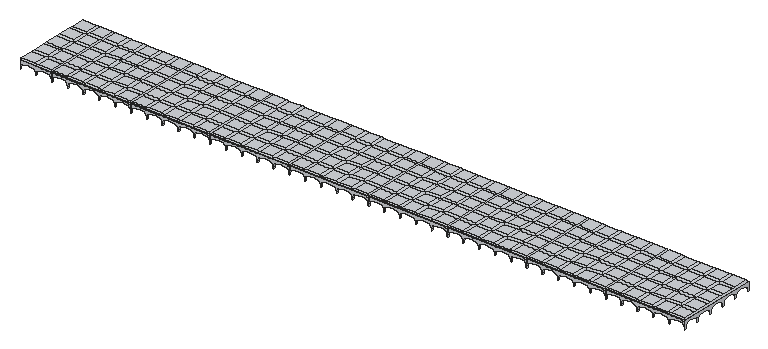
Revit family "LineaSingola_Assieme Modulblock H6", category Modelli generici, Revit 2016 (continued)
Definition of nested family "Minimodulo_H6"
  Definition of nested family "Pianta H6"
    Lines and regions (mm)
      detail lines, in view "Livello rif.", not visible
        curve 1618: line (222.31, -175.662, 0) -> (238.689, -154.487, 0)
        curve 1619: line (245.463, -161.432, 0) -> (224.28, -177.642, 0)
        curve 1620: line (177.716, -224.407, 0) -> (161.347, -245.569, 0)
        curve 1621: line (154.736, -238.505, 0) -> (175.746, -222.426, 0)
        curve 1622: line (155.3, -213.164, 0) -> (186.823, -213.164, 0)
        curve 1623: line (186.823, -213.164, 0) -> (186.823, -244.669, 0)
        curve 1624: line (177.716, -175.662, 0) -> (161.32, -154.465, 0)
        curve 1625: line (154.554, -161.425, 0) -> (175.746, -177.642, 0)
        curve 1626: line (186.793, -156.114, 0) -> (186.793, -186.821, 0)
        curve 1627: line (186.793, -186.821, 0) -> (155.33, -186.821, 0)
        curve 1628: line (162.244, -150, 0) -> (237.756, -150, 0)
        curve 1629: line (252.784, -139.838, 0) -> (252.784, -60.162, 0)
        curve 1630: line (252.784, -60.162, 0) -> (250, -62.479, 0)
        curve 1631: line (250, -62.479, 0) -> (250, -50, 0)
        curve 1632: line (250, -50, 0) -> (250, -37.521, 0)
        curve 1633: line (250, -37.521, 0) -> (252.784, -39.838, 0)
        curve 1634: line (252.784, -39.838, 0) -> (252.784, 39.838, 0)
        curve 1635: line (222.31, -124.407, 0) -> (238.671, -145.558, 0)
        curve 1636: line (245.406, -138.593, 0) -> (224.28, -122.426, 0)
        curve 1637: line (213.164, -144.7, 0) -> (213.164, -113.19, 0)
        curve 1638: line (213.164, -113.19, 0) -> (243.878, -113.19, 0)
        curve 1639: line (243.883, -86.793, 0) -> (213.094, -86.793, 0)
        curve 1640: line (213.094, -86.793, 0) -> (213.094, -56.08, 0)
        curve 1641: line (222.31, -75.662, 0) -> (238.689, -54.487, 0)
        curve 1642: line (245.463, -61.432, 0) -> (224.28, -77.642, 0)
        curve 1643: line (177.716, -124.407, 0) -> (161.347, -145.569, 0)
        curve 1644: line (154.736, -138.505, 0) -> (175.746, -122.426, 0)
        curve 1645: line (155.3, -113.164, 0) -> (186.823, -113.164, 0)
        curve 1646: line (186.823, -113.164, 0) -> (186.823, -144.669, 0)
        curve 1647: line (177.716, -75.662, 0) -> (161.32, -54.465, 0)
        curve 1648: line (154.554, -61.425, 0) -> (175.746, -77.642, 0)
        curve 1649: line (186.793, -56.114, 0) -> (186.793, -86.821, 0)
        curve 1650: line (186.793, -86.821, 0) -> (155.33, -86.821, 0)
        curve 1651: line (237.756, -50, 0) -> (162.244, -50, 0)
        curve 1652: line (162.244, -50, 0) -> (237.756, -50, 0)
        curve 1653: line (222.31, -24.407, 0) -> (238.671, -45.558, 0)
        curve 1654: line (245.406, -38.593, 0) -> (224.28, -22.426, 0)
        curve 1655: line (213.164, -44.7, 0) -> (213.164, -13.19, 0)
        curve 1656: line (213.164, -13.19, 0) -> (243.878, -13.19, 0)
        curve 1657: line (252.784, 39.838, 0) -> (250, 37.521, 0)
        curve 1658: line (250, 37.521, 0) -> (250, 50, 0)
        curve 1659: line (250, 50, 0) -> (250, 62.479, 0)
        curve 1660: line (250, 62.479, 0) -> (252.784, 60.162, 0)
        curve 1661: line (243.883, 13.207, 0) -> (213.094, 13.207, 0)
        curve 1662: line (213.094, 13.207, 0) -> (213.094, 43.92, 0)
        curve 1663: line (222.31, 24.338, 0) -> (238.689, 45.513, 0)
        curve 1664: line (245.463, 38.568, 0) -> (224.28, 22.358, 0)
        curve 1665: line (177.716, -24.407, 0) -> (161.347, -45.569, 0)
        curve 1666: line (154.736, -38.505, 0) -> (175.746, -22.426, 0)
        curve 1667: line (155.3, -13.164, 0) -> (186.823, -13.164, 0)
        curve 1668: line (186.823, -13.164, 0) -> (186.823, -44.669, 0)
        curve 1669: line (177.716, 24.338, 0) -> (161.32, 45.535, 0)
        curve 1670: line (154.554, 38.575, 0) -> (175.746, 22.358, 0)
        curve 1671: line (186.793, 43.886, 0) -> (186.793, 13.179, 0)
        curve 1672: line (186.793, 13.179, 0) -> (155.33, 13.179, 0)
        curve 1673: line (237.756, 50, 0) -> (162.244, 50, 0)
        curve 1674: line (162.244, 50, 0) -> (237.756, 50, 0)
        curve 1675: line (252.784, 60.162, 0) -> (252.784, 139.838, 0)
        curve 1676: line (252.784, 139.838, 0) -> (250, 137.521, 0)
        curve 1677: line (250, 137.521, 0) -> (250, 150, 0)
        curve 1678: line (250, 150, 0) -> (250, 162.479, 0)
        curve 1679: line (250, 162.479, 0) -> (252.784, 160.162, 0)
        curve 1680: line (252.784, 160.162, 0) -> (252.784, 239.838, 0)
        curve 1681: line (252.784, 239.838, 0) -> (250, 237.521, 0)
        curve 1682: line (222.31, 75.593, 0) -> (238.671, 54.442, 0)
        curve 1683: line (245.406, 61.407, 0) -> (224.28, 77.574, 0)
        curve 1684: line (213.164, 55.3, 0) -> (213.164, 86.81, 0)
        curve 1685: line (213.164, 86.81, 0) -> (243.878, 86.81, 0)
        curve 1686: line (243.883, 113.207, 0) -> (213.094, 113.207, 0)
        curve 1687: line (213.094, 113.207, 0) -> (213.094, 143.92, 0)
        curve 1688: line (222.31, 124.338, 0) -> (238.689, 145.513, 0)
        curve 1689: line (245.463, 138.568, 0) -> (224.28, 122.358, 0)
        curve 1690: line (177.716, 75.593, 0) -> (161.347, 54.431, 0)
        curve 1691: line (154.736, 61.495, 0) -> (175.746, 77.574, 0)
        curve 1692: line (155.3, 86.836, 0) -> (186.823, 86.836, 0)
        curve 1693: line (186.823, 86.836, 0) -> (186.823, 55.331, 0)
        curve 1694: line (177.716, 124.338, 0) -> (161.32, 145.535, 0)
        curve 1695: line (154.554, 138.575, 0) -> (175.746, 122.358, 0)
        curve 1696: line (186.793, 143.886, 0) -> (186.793, 113.179, 0)
        curve 1697: line (186.793, 113.179, 0) -> (155.33, 113.179, 0)
        curve 1698: line (237.756, 150, 0) -> (162.244, 150, 0)
        curve 1699: line (162.244, 150, 0) -> (237.756, 150, 0)
        curve 1700: line (162.033, 250, 0) -> (160.162, 252.205, 0)
        curve 1701: line (160.162, 252.205, 0) -> (239.838, 252.205, 0)
        curve 1702: line (239.838, 252.205, 0) -> (237.756, 250, 0)
        curve 1703: line (222.31, 224.407, 0) -> (238.671, 245.558, 0)
        curve 1704: line (245.406, 238.593, 0) -> (224.28, 222.426, 0)
        curve 1705: line (213.164, 244.7, 0) -> (213.164, 213.19, 0)
        curve 1706: line (213.164, 213.19, 0) -> (243.878, 213.19, 0)
        curve 1707: line (243.883, 186.793, 0) -> (213.094, 186.793, 0)
        curve 1708: line (213.094, 186.793, 0) -> (213.094, 156.08, 0)
        curve 1709: line (222.31, 175.662, 0) -> (238.689, 154.487, 0)
        curve 1710: line (245.463, 161.432, 0) -> (224.28, 177.642, 0)
        curve 1711: line (177.716, 224.407, 0) -> (161.347, 245.569, 0)
        curve 1712: line (154.736, 238.505, 0) -> (175.746, 222.426, 0)
        curve 1713: line (155.3, 213.164, 0) -> (186.823, 213.164, 0)
        curve 1714: line (186.823, 213.164, 0) -> (186.823, 244.669, 0)
        curve 1715: line (177.716, 175.662, 0) -> (161.32, 154.465, 0)
        curve 1716: line (154.554, 161.425, 0) -> (175.746, 177.642, 0)
        curve 1717: line (186.793, 156.114, 0) -> (186.793, 186.821, 0)
        curve 1718: line (186.793, 186.821, 0) -> (155.33, 186.821, 0)
    Dimensions and locks
      equal spacing: plane 6, plane 1 "Centro (Fronte/Retro)", plane 7
      equal spacing: plane 4, plane 3 "Centro (Sinistra/Destra)", plane 5
      "L_modulo": plane 6 to plane 7
      "L_modulo": plane 4 to plane 5
      "L_modulo": plane 10 to plane 11
      "L_modulo": plane 8 to plane 9
      "Taglio_larghezza": plane 4 to plane 9
      "Taglio_profondita": plane 10 to plane 7
      locked: plane 14 to plane 4 at 5
      locked: plane 5 to plane 15 at 5
      locked: plane 12 to plane 6 at 5
      locked: plane 7 to plane 13 at 5
      aligned and locked: Masking region 2 to plane 14
      aligned and locked: plane 10 to Masking region 2
      aligned and locked: Masking region 2 to plane 15
      aligned and locked: Masking region 2 to plane 11
      aligned and locked: plane 9 to Masking region 1
      aligned and locked: Masking region 1 to plane 13
      aligned and locked: plane 12 to Masking region 1
      aligned and locked: Masking region 1 to plane 8
    Automatic sketch dimensions
      plane 8 to Masking region 1 sketch curve = 0 mm
      plane 14 to Masking region 1 sketch curve = 155 mm
      Masking region 1 sketch curve to plane 10 = 155 mm
      plane 6 to Masking region 1 sketch curve = 5 mm
      Masking region 2 sketch curve to plane 9 = 155 mm
      plane 5 to Masking region 2 sketch curve = 5 mm
      Masking region 2 sketch curve to plane 11 = 0 mm
      plane 13 to Masking region 2 sketch curve = 155 mm
  Definition of nested family "Modulblock H6"
    Reference planes
      plane 1 "Centro (Fronte/Retro)": y = 0
      plane 2: z = 0
      plane 3 "Centro (Sinistra/Destra)": x = 0
    Lines and regions (mm)
      detail lines, in view "Livello rif."
        curve 1: arc (-161.741, 59.714, 0) -> (-200, 60.957, 0) -> (-238.272, 60.197, 0) r 731.23
        curve 2: arc (-161.741, 59.714, 0) -> (-149.835, 56.502, 0) -> (-138.072, 60.206, 0) r 21.982
        curve 3: arc (-61.741, 59.714, 0) -> (-99.9, 60.957, 0) -> (-138.072, 60.206, 0) r 731.23
        curve 4: arc (-61.741, 59.714, 0) -> (-49.835, 56.502, 0) -> (-38.072, 60.206, 0) r 21.982
        curve 5: arc (38.259, 59.714, 0) -> (0.1, 60.957, 0) -> (-38.072, 60.206, 0) r 731.23
        curve 6: arc (38.259, 59.714, 0) -> (50.165, 56.502, 0) -> (61.928, 60.206, 0) r 21.982
        curve 7: arc (138.259, 59.714, 0) -> (100.1, 60.957, 0) -> (61.928, 60.206, 0) r 731.23
        curve 8: arc (138.259, 59.714, 0) -> (150.166, 56.502, 0) -> (161.929, 60.207, 0) r 21.982
        curve 9: arc (232.612, 59.714, 0) -> (197.277, 60.957, 0) -> (161.929, 60.207, 0) r 627.376
        curve 10: line (232.612, 59.714, 0) -> (236.419, 53.121, 0)
        curve 11: arc (236.419, 53.121, 0) -> (238.411, 51.971, 0) -> (240.402, 53.121, 0) r 2.3
        curve 12: line (240.402, 53.121, 0) -> (244.374, 60.001, 0)
        curve 13: line (245.436, 56.77, 0) -> (245.436, 60.001, 0)
        curve 14: line (244.374, 60.001, 0) -> (244.374, 56.77, 0)
        curve 15: arc (241.26, 0, 0) -> (239.851, 17.358, 0) -> (228.761, 30.785, 0) r 29.027
        curve 16: arc (228.761, 30.785, 0) -> (196.234, 36.033, 0) -> (163.707, 30.785, 0) r 103.421
        curve 17: arc (163.707, 30.785, 0) -> (155.549, 22.82, 0) -> (151.088, 12.327, 0) r 29.027
        curve 18: arc (151.049, 0, 0) -> (151.074, 6.163, 0) -> (151.088, 12.327, 0) r 3516.34
        curve 19: line (151.049, 0, 0) -> (146.907, 0, 0)
        curve 20: line (145.436, 17.508, 0) -> (145.436, 0, 0)
        curve 21: arc (145.436, 17.508, 0) -> (140.932, 24.985, 0) -> (134.408, 30.785, 0) r 29.027
        curve 22: arc (134.408, 30.785, 0) -> (99.057, 36.033, 0) -> (63.707, 30.785, 0) r 121.679
        curve 23: arc (63.707, 30.785, 0) -> (55.549, 22.82, 0) -> (51.088, 12.327, 0) r 29.027
        curve 24: arc (51.049, 0, 0) -> (51.074, 6.163, 0) -> (51.088, 12.327, 0) r 3516.34
        curve 25: line (45.436, 17.508, 0) -> (45.436, 0, 0)
        curve 26: arc (45.436, 17.508, 0) -> (40.932, 24.985, 0) -> (34.408, 30.785, 0) r 29.027
        curve 27: arc (34.408, 30.785, 0) -> (-0.943, 36.033, 0) -> (-36.293, 30.785, 0) r 121.679
        curve 28: arc (-36.293, 30.785, 0) -> (-44.451, 22.82, 0) -> (-48.912, 12.327, 0) r 29.027
        curve 29: arc (-48.951, 0, 0) -> (-48.926, 6.163, 0) -> (-48.912, 12.327, 0) r 3516.34
        curve 30: line (-54.564, 17.508, 0) -> (-54.564, 0, 0)
        curve 31: arc (-54.564, 17.508, 0) -> (-59.068, 24.985, 0) -> (-65.592, 30.785, 0) r 29.027
        curve 32: arc (-65.592, 30.785, 0) -> (-100.943, 36.033, 0) -> (-136.293, 30.785, 0) r 121.679
        curve 33: arc (-136.293, 30.785, 0) -> (-144.451, 22.82, 0) -> (-148.912, 12.327, 0) r 29.027
        curve 34: arc (-148.951, 0, 0) -> (-148.926, 6.163, 0) -> (-148.912, 12.327, 0) r 3516.34
        curve 35: line (-154.564, 17.508, 0) -> (-154.564, 0, 0)
        curve 36: arc (-154.564, 17.508, 0) -> (-159.068, 24.985, 0) -> (-165.592, 30.785, 0) r 29.027
        curve 37: arc (-165.592, 30.785, 0) -> (-200.943, 36.033, 0) -> (-236.293, 30.785, 0) r 121.679
        curve 38: arc (-236.293, 30.785, 0) -> (-247.383, 17.358, 0) -> (-248.792, 0, 0) r 29.027
        curve 39: line (-242.756, 52.431, 0) -> (-238.272, 60.197, 0)
        curve 40: arc (-249.13, 52.431, 0) -> (-245.943, 50.591, 0) -> (-242.756, 52.431, 0) r 3.68
        curve 41: line (-249.13, 52.431, 0) -> (-253.5, 60, 0)
        curve 42: line (-254.562, 56.769, 0) -> (-254.562, 0, 0)
        curve 43: line (-253.5, 60, 0) -> (-254.562, 60, 0)
        curve 44: line (-254.562, 56.769, 0) -> (-254.562, 60, 0)
        curve 45: line (-253.5, 0, 0) -> (-253.5, 60, 0)
        curve 46: line (244.374, 0, 0) -> (244.374, 60.001, 0)
        curve 47: line (244.374, 60.001, 0) -> (245.436, 60.001, 0)
        curve 48: line (241.26, 0, 0) -> (245.436, 0, 0)
        curve 49: line (146.907, 0, 0) -> (145.436, 0, 0)
        curve 50: line (51.049, 0, 0) -> (45.436, 0, 0)
        curve 51: line (-48.951, 0, 0) -> (-54.564, 0, 0)
        curve 52: line (-154.564, 0, 0) -> (-148.951, 0, 0)
        curve 53: line (245.436, 56.77, 0) -> (245.436, 0, 0)
        curve 54: line (-248.792, 0, 0) -> (-254.562, 0, 0)
  Definition of nested family "Dettaglio Basso modulblock H6"
    Reference planes
      plane 1 "Centro (Fronte/Retro)": y = 0
      plane 2: z = 0
      plane 3 "Centro (Sinistra/Destra)": x = 0
    Lines and regions (mm)
      detail lines, in view "Livello rif."
        curve 1: line (0, 0, 0) -> (-250, 0, 0)
        curve 2: line (-250, 0, 0) -> (-250, -60, 0)
        curve 3: line (-250, -60, 0) -> (-247, -60, 0)
        curve 4: line (-247, -60, 0) -> (-247, -48, 0)
        curve 5: arc (-247, -48, 0) -> (-243.755, -36.76, 0) -> (-235, -29, 0) r 21
        curve 6: arc (-235, -29, 0) -> (-217.678, -25.256, 0) -> (-200, -24, 0) r 125
        curve 7: line (-153, -60, 0) -> (-153, -48, 0)
        curve 8: arc (-153, -48, 0) -> (-156.245, -36.76, 0) -> (-165, -29, 0) r 21
        curve 9: arc (-165, -29, 0) -> (-182.322, -25.256, 0) -> (-200, -24, 0) r 125
        curve 10: line (-153, -60, 0) -> (-147, -60, 0)
        curve 11: line (-50, -60, 0) -> (-53, -60, 0)
        curve 12: line (-53, -60, 0) -> (-53, -48, 0)
        curve 13: arc (-53, -48, 0) -> (-56.245, -36.76, 0) -> (-65, -29, 0) r 21
        curve 14: arc (-65, -29, 0) -> (-82.322, -25.256, 0) -> (-100, -24, 0) r 125
        curve 15: line (-147, -60, 0) -> (-147, -48, 0)
        curve 16: arc (-147, -48, 0) -> (-143.755, -36.76, 0) -> (-135, -29, 0) r 21
        curve 17: arc (-135, -29, 0) -> (-117.678, -25.256, 0) -> (-100, -24, 0) r 125
        curve 18: line (-50, -60, 0) -> (-47, -60, 0)
        curve 19: line (-47, -60, 0) -> (-47, -48, 0)
        curve 20: arc (-47, -48, 0) -> (-43.755, -36.76, 0) -> (-35, -29, 0) r 21
        curve 21: arc (-35, -29, 0) -> (-17.678, -25.256, 0) -> (0, -24, 0) r 125
        curve 22: line (250, -60, 0) -> (247, -60, 0)
        curve 23: line (247, -60, 0) -> (247, -48, 0)
        curve 24: arc (247, -48, 0) -> (243.755, -36.76, 0) -> (235, -29, 0) r 21
        curve 25: arc (235, -29, 0) -> (217.678, -25.256, 0) -> (200, -24, 0) r 125
        curve 26: line (153, -60, 0) -> (153, -48, 0)
        curve 27: arc (153, -48, 0) -> (156.245, -36.76, 0) -> (165, -29, 0) r 21
        curve 28: arc (165, -29, 0) -> (182.322, -25.256, 0) -> (200, -24, 0) r 125
        curve 29: line (153, -60, 0) -> (147, -60, 0)
        curve 30: line (50, -60, 0) -> (53, -60, 0)
        curve 31: line (53, -60, 0) -> (53, -48, 0)
        curve 32: arc (53, -48, 0) -> (56.245, -36.76, 0) -> (65, -29, 0) r 21
        curve 33: arc (65, -29, 0) -> (82.322, -25.256, 0) -> (100, -24, 0) r 125
        curve 34: line (147, -60, 0) -> (147, -48, 0)
        curve 35: arc (147, -48, 0) -> (143.755, -36.76, 0) -> (135, -29, 0) r 21
        curve 36: arc (135, -29, 0) -> (117.678, -25.256, 0) -> (100, -24, 0) r 125
        curve 37: line (50, -60, 0) -> (47, -60, 0)
        curve 38: line (47, -60, 0) -> (47, -48, 0)
        curve 39: arc (47, -48, 0) -> (43.755, -36.76, 0) -> (35, -29, 0) r 21
        curve 40: arc (35, -29, 0) -> (17.678, -25.256, 0) -> (0, -24, 0) r 125
        curve 41: line (0, 0, 0) -> (250, 0, 0)
        curve 42: line (250, 0, 0) -> (250, -60, 0)
